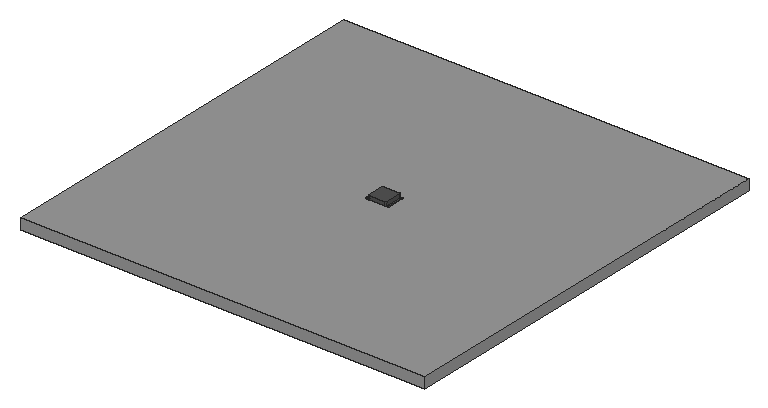
Revit family "PARLÉ TTM-X - Network Box_rev0", category Communication Devices, host Face, Revit 2019
Family settings
  Host = Face
  Maintain Annotation Orientation = No
  Round Connector Dimension = Use Diameter
  Part Type = Normal
  Cut with Voids When Loaded = No
  Shared = Yes
  Room Calculation Point = Yes
Parameters (values of type "PARLÉ™ TTM-X Network Box")
  Width = 0' - 4 51/256"
  Weight Product = 0.7
  Regulatory Compliance = "FCC Part 15B (USA) CE marked (Europe) UL and C-UL listed (USA and Canada) RoHS Directive (Europe) Evaluated to the requirements of UL 2043 and is suitable for use in air handling spaces"
  Product Page URL = ""
  Product Documentation Link = ""
  Power = "PoE (IEEE 802.3at Class 3, 15.4W)"
  Part Number = ""
  POE Power = 15.4
  Model = "Parlé TTM-X  Network Box"
  Max Distance Between Devices = "33 feet (10 meters) between TTM-XEX and DSP host device"
  Manufacturer URL = "https://www.biamp.com/"
  Manufacturer = "Biamp Systems"
  Height = 0' - 0 115/128"
  Description = "AVB low-profle ceiling microphone (Network Box only. Refer to TTM-X/TTM-XEX mic for additional data and cost)"
  Depth = 0' - 4 115/128"
  Default Elevation = 0' - 0"
  Connector = "Three RJ-45: one between TTM-X network box and switch, one between the network box and microphone, the other between TCM-X network box and TCM-XEX"
  Case Finish = Black Finish
Reference planes (in)
  plane 1 "Center (Front/Back)": y = 0
  plane 2: z = 0
  plane 3 "Center (Left/Right)": x = 0
Forms (in)
  Extrusion 1, solid, material "Light Gray Finish"
    sketch origin (0, 0, 0) x (1, 0, 0) y (0, 1, 0)
      loop
        line (-48, 48) -> (-48, -48) -> (48, -48) -> (48, 48) -> (-48, 48)
    from 0 to -2.56315
  Extrusion 2, solid, material "Aluminum, Anodized Black"
    sketch origin (0, 0, 0.08563) x (0, -1, 0) y (1, 0, 0)
      loop
        arc (-2.07378, -2.50948) -> (-2.0048, -2.67692) -> (-1.83754, -2.74633) r 0.23625
        line (-1.83754, -2.74633) -> (1.84328, -2.74633)
        arc (1.84328, -2.74633) -> (2.00664, -2.67473) -> (2.07378, -2.50948) r 0.23694
        line (2.07378, -2.50948) -> (2.07378, 2.51008)
        arc (2.07378, 2.51008) -> (2.00831, 2.67678) -> (1.84328, 2.74633) r 0.23057
        line (1.84328, 2.74633) -> (-1.83753, 2.74633)
        arc (-1.83753, 2.74633) -> (-2.00458, 2.67713) -> (-2.07378, 2.51008) r 0.23625
        line (-2.07378, 2.51008) -> (-2.07378, -2.50948)
      loop
        circle (-1.83754, -2.51009) r 0.11072
      loop
        circle (1.83754, -2.51009) r 0.11072
      loop
        circle (-1.83754, 2.51009) r 0.11072
      loop
        circle (1.83754, 2.51009) r 0.11072
    from 0 to -0.08563
  Extrusion 3, solid, material "Aluminum, Anodized Black"
    sketch origin (0, 0, 0) x (0, -1, 0) y (1, 0, 0)
      loop
        line (-1.83754, -2.09614) -> (1.84328, -2.09614)
        arc (1.84328, -2.09614) -> (2.00831, -2.02659) -> (2.07378, -1.8599) r 0.23057
        line (2.07378, -1.8599) -> (2.07378, 1.8605)
        arc (2.07378, 1.8605) -> (2.00657, 2.02532) -> (1.84328, 2.09614) r 0.2357
        line (1.84328, 2.09614) -> (-1.83754, 2.09614)
        arc (-1.83754, 2.09614) -> (-2.00455, 2.02734) -> (-2.07378, 1.8605) r 0.23564
        line (-2.07378, 1.8605) -> (-2.07378, -1.8599)
        arc (-2.07378, -1.8599) -> (-2.00459, -2.02695) -> (-1.83754, -2.09614) r 0.23624
    from 0.86398 to 0
  Extrusion 4, solid, material "Aluminum, Anodized Black"
    sketch origin (0, 0, 0) x (1, 0, 0) y (0, 0, 1)
      loop
        line (1.73893, 0.14018) -> (1.73893, 0.66717) -> (1.02983, 0.66717) -> (1.02983, 0.14018) -> (1.73893, 0.14018)
      loop
        line (0.73893, 0.14018) -> (0.73893, 0.66717) -> (0.02983, 0.66717) -> (0.02983, 0.14018) -> (0.73893, 0.14018)
      loop
        line (-1.08558, 0.14018) -> (-1.08558, 0.66717) -> (-1.79467, 0.66717) -> (-1.79467, 0.14018) -> (-1.08558, 0.14018)
    from -2.13611 to -2.07378
Dimensions and locks (in)
  aligned and locked: plane 2 to Extrusion 1
  aligned and locked: level to Extrusion 1
  aligned and locked: Extrusion 3 to Extrusion 2
  aligned and locked: Extrusion 2 to Extrusion 4
  aligned and locked: Extrusion 2 to Extrusion 1
Connectors (in)
  electrical at (1.38438, 2.13611, 0.40367)
    settings: on Extrusion 4, index 1, voltage 0 V, apparent load 0 VA, apparent load phase1 0 VA, apparent load phase2 0 VA, apparent load phase3 0 VA, power factor 1, load classification "Other", number of poles 1, system type 14, power factor state 1, is connector primary yes, connector utility no, sub classification motor no, connector description "Mic 1"
  electrical at (0.38438, 2.13611, 0.40367)
    settings: on Extrusion 4, index 2, voltage 0 V, apparent load 0 VA, apparent load phase1 0 VA, apparent load phase2 0 VA, apparent load phase3 0 VA, power factor 1, load classification "Other", number of poles 1, system type 14, power factor state 1, is connector primary no, connector utility no, sub classification motor no, connector description "Mic 2"
  electrical at (-1.44012, 2.13611, 0.40367)
    settings: on Extrusion 4, index 3, voltage 0 V, apparent load 0 VA, apparent load phase1 0 VA, apparent load phase2 0 VA, apparent load phase3 0 VA, power factor 1, load classification "Other", number of poles 1, system type 5, power factor state 1, is connector primary no, connector utility no, sub classification motor no, connector description "AVB/Control"
